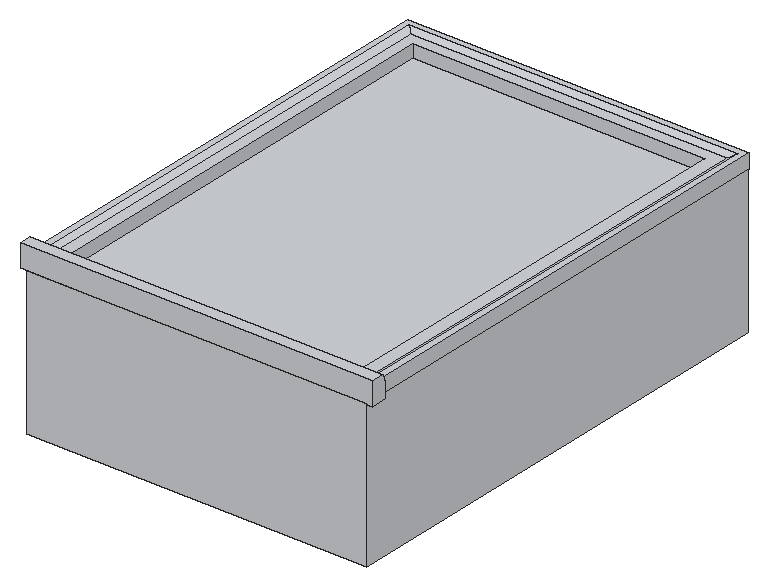
Revit family "668d3062d38547b69ad2f4a20b3432de", category Generic Models, host Face, Revit 2021
Family settings
  Host = Face
  Can host rebar = No
  Round Connector Dimension = Use Diameter
  Part Type = Normal
  Cut with Voids When Loaded = No
  Shared = Yes
  Room Calculation Point = No
Parameters (values of type "Standard")
  Trim Width = 0' - 2"
  Trim Thickness = 0' - 1 1/4"
  Trim Material [instance] = none
  Sill Thickness = 0' - 1 1/4"
  Opening Width [instance] = 2' - 0"
  Opening Height [instance] = 3' - 0"
  Default Elevation = 4' - 0"
Reference planes (in)
  plane 1 "Center (Front/Back)": y = 0
  plane 2: z = 0
  plane 3 "Center (Left/Right)": x = 0
  plane 4: y = 2
  plane 5 "Left": x = -12
  plane 6 "Right": x = 12
  plane 7 "Bottom": y = -36
  plane 8: x = 14
  plane 9 "1": x = -14
  plane 10: z = 1.25
  plane 11: x = 14.5
  plane 12: x = -14.5
  plane 13: y = -37.25
  plane 14: y = -18
  plane 15: z = 1.875
  plane 16: z = 0.8125
  plane 17: z = 1.03125
  plane 18: x = -12.5
  plane 19: x = -13
  plane 20: x = -13.5
Forms (in)
  Extrusion 1, solid
    sketch origin (0, 0, 0) x (1, 0, 0) y (0, 1, 0)
      loop
        line (-14, 2) -> (-14, -37.25) -> (14, -37.25) -> (14, 2) -> (-14, 2)
    from 0 to -12
  Extrusion 2, solid, material <- "Trim Material"
    sketch origin (0, 0, 0) x (0, 1, 0) y (0, 0, 1)
      loop
        line (-36, 0) -> (-36, 1.25) -> (-36.22748, 1.875) -> (-37.25, 1.875) -> (-37.25, 0) -> (-36, 0)
    from -14.5 to 14.5
  Sweep 3, solid, material <- "Trim Material"
    path origin (0, 0, 0) x (1, 0, 0) y (0, 1, 0)
      loop
        line (12, -36) -> (12, 0) -> (-12, 0) -> (-12, -36)
    profile origin (-12, -18, 0) x (1, 0, 0) y (0, 0, 1)
      loop
        line (0, 0) -> (0, 1.03125) -> (-1, 1.03125) -> (-1.5, 1.25) -> (-2, 1.25) -> (-2, 0) -> (0, 0)
Dimensions and locks (in)
  equal spacing: plane 5 "Left", plane 3 "Center (Left/Right)", plane 6 "Right"
  "Opening Width": plane 5 "Left" to plane 6 "Right"
  "Opening Height": plane 7 "Bottom" to plane 1 "Center (Front/Back)"
  "Trim Width": plane 9 "1" to plane 5 "Left"
  "Trim Width": plane 6 "Right" to plane 8
  "Trim Width": plane 1 "Center (Front/Back)" to plane 4
  plane 12 to plane 9 "1" = 0' - 0 1/2"
  locked: plane 8 to plane 11 at 0.5
  equal spacing: plane 7 "Bottom", plane 14, plane 1 "Center (Front/Back)"
  "Trim Thickness": plane 10 to plane 2
  "Sill Thickness": plane 7 "Bottom" to plane 13
  locked: plane 15 to plane 10 at 0.625
  plane 16 to plane 10 = 0' - 0 7/16"
  equal spacing: plane 16, plane 17, plane 10
  equal spacing: plane 5 "Left", plane 18, plane 19, plane 20, plane 9 "1"
  locked: plane 7 "Bottom" to Extrusion 2 sketch curve (angle 20.00°)
  aligned and locked: plane 2 to Extrusion 1
  aligned and locked: level to Extrusion 1
  aligned and locked: Extrusion 2 sketch curve to level
  aligned and locked: plane 12 to Extrusion 2
  aligned and locked: Extrusion 2 to plane 11
  aligned and locked: Sweep 3 sketch curve to plane 5 "Left"
  aligned and locked: Sweep 3 sketch curve to plane 1 "Center (Front/Back)"
  aligned and locked: Sweep 3 sketch curve to plane 6 "Right"
  aligned and locked: plane 7 "Bottom" to Sweep 3 sketch curve  (x2)
  aligned and locked: plane 15 to Extrusion 2 sketch curve
  aligned and locked: plane 13 to Extrusion 2 sketch curve
  aligned and locked: plane 10 to Sweep 3 sketch curve
  aligned and locked: plane 9 "1" to Sweep 3 sketch curve  (x2)
  aligned and locked: plane 5 "Left" to Sweep 3 sketch curve  (x2)
  aligned and locked: Sweep 3 sketch curve to plane 2
  aligned and locked: plane 19 to Sweep 3 sketch curve
  aligned and locked: Sweep 3 sketch curve to plane 17
  aligned and locked: Sweep 3 sketch curve to plane 10
  aligned and locked: plane 20 to Sweep 3 sketch curve
  aligned and locked: plane 17 to Sweep 3 sketch curve
Automatic sketch dimensions
  Extrusion 1 sketch curve to Extrusion 1 sketch curve = 2' - 4"
  Extrusion 1 sketch curve to Extrusion 1 sketch curve = 3' - 3 1/4"
  Extrusion 2 sketch curve to plane 7 "Bottom" = 0' - 0"
  Extrusion 2 sketch curve to plane 10 = 0' - 0"
